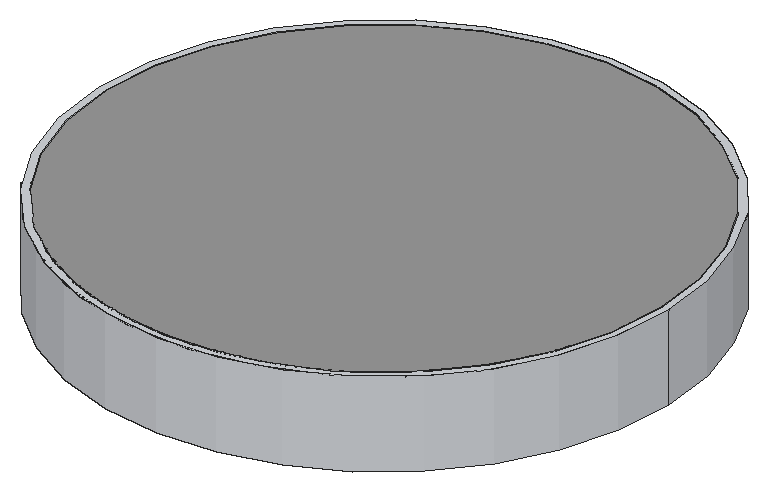
Revit family "2071332", category Lighting Fixtures, host Face, Revit 2018
Family settings
  Host = Face
  Round Connector Dimension = Use Diameter
  Part Type = Normal
  OmniClass Number = 23.80.70.00
  OmniClass Title = Lighting
  Cut with Voids When Loaded = No
  Light Source = Yes
  Shared = No
  Room Calculation Point = No
Parameters (values of type "2071332 COLOSSAL 400 HO 840 OP DIR WHT DALI EM")
  iner diameter = 390 mm
  Weight = "n/a"
  Wattage Comments = ""
  Wattage = 30 W
  WarrantyStartDate [instance] = "n/a"
  WarrantyGuarantorParts = "n/a"
  WarrantyDurationUnit = "n/a"
  WarrantyDurationParts = ""
  WarrantyDescription = "http://www.sylvania-lighting.com"
  built-in parameter 1150110 = 1 (stored number, unit not read)
  Voltage = 230 V
  URL = "0.95"
  TypeName = "COLOSSAL 400mm HO 840 OPAL DIR WHITE DALI EM"
  Type Image = <None>
  Type Comments = "n/a"
  built-in parameter 1114217 = 1 (stored number, unit not read)
  Tilt Angle = -90.00°
  built-in parameter 1150109 = 1 (stored number, unit not read)
  built-in parameter 1150134 = (empty or 0)
  built-in parameter 1150113 = 1 (stored number, unit not read)
  SerialNumber [instance] = "n/a"
  Photometric Web File = "2071332.ies"
  Material_3_SYL = LED-Sylvania
  PowerFactor = 0
  PowerConsumption = "Lighting"
  NominalLength = 400 mm
  NominalHeight = 93 mm
  NominalDepth = 400 mm
  Name = "COLOSSAL 400mm HO 840 OPAL DIR WHITE DALI EM"
  ModelReference = Name  # "COLOSSAL 400mm HO 840 OPAL DIR WHITE DALI EM"
  ModelNumber = "2071332"
  Model = Name  # "COLOSSAL 400mm HO 840 OPAL DIR WHITE DALI EM"
  Material = "Feilo Sylvania"
  ManufacturerName = "130 lm/W"
  Manufacturer = ""
  LuminousEfficacy = ""
  built-in parameter 1150105 = 270.44 (stored number, unit not read)
  Lumens = 3398.4 lm
  LuminaireType = "0"
  built-in parameter 1150115 = 1 (stored number, unit not read)
  LightOutputRatio = "LED"
  built-in parameter 1150137 = (empty or 0)
  built-in parameter 1150139 = (empty or 0)
  LampsType = Lamp  # "n/a"
  LampNominalLuminous = "4000 K"
  LampMacAdamStep = "80"
  LampColourTemperature = "LED"
  LampColourRenderingIndex = "16500"
  built-in parameter 1150112 = 1 (stored number, unit not read)
  built-in parameter 1150114 = 1 (stored number, unit not read)
  Lamp = "n/a"
  Keynote = "n/a"
  InstallationDate [instance] = "n/a"
  InputVoltage = "0"
  InputNominalFrequency = "4000"
  built-in parameter 1150132 = (empty or 0)
  built-in parameter 1150102 = (empty or 0)
  built-in parameter 1150107 = 3000 (stored number, unit not read)
  built-in parameter 1150138 = (empty or 0)
  IngressProtection = "IfcLightFixtureType"
  ImpactProtectionIndex = "IfcLightFixtureType"
  built-in parameter 1150106 = 2.7044 (stored number, unit not read)
  IfcExportType = "IfcLightFixtureType"
  IfcExportAs = "Class I"
  Emit from Circle Diameter = 385 mm
  Emit Shape Visible in Rendering = no
  ElectricShockClassification = "130"
  built-in parameter 1150104 = 10.524 (stored number, unit not read)
  DocumentationLiterature = "http://www.sylvania-lighting.com/product/en-int/products/2071332"
  DimmingControlOptions = "n/a"
  Material_2_SYL = Polycarbonate_Sylvania_White
  Dimming Lamp Color Temperature Shift = <None>
  Description = "400mm diameter circular architectural luminaire, can be surface mounted or suspended. Powder coated aluminium housing (RAL9016) with polycarbonate opal diffuser. Direct light distribution, 3435lm luminuous flux, 27.3W system power, 126lm/W luminiaire efficacy. DALI dimmable. 3 hours integrated emergency. Colour rendering index Ra >80, 4000K Neutral White LED, chromaticity tolerance of 3-step MacAdam ellipse. IP40, IK03. 600mA drive current. Electrical protection Class1, 220-240V. Reported lifetime 66k hours L90B10."
  Default Elevation = 1219.2 mm
  CreatedOn = "22/03/2022"
  CreatedBy = "@sylvania-lighting.com"
  Cost = 0
  Color Filter = 16777215
  built-in parameter 1114216 [instance] = (empty or 0)
  ClassificationValue = "EF_70_80"
  ClassificationName = "Uniclass2015"
  Material_1_SYL = Polycarbonate_Sylvania_Opal
  BarCode [instance] = "n/a"
  built-in parameter 1114218 = 1 (stored number, unit not read)
  built-in parameter 1150133 = 10 (stored number, unit not read)
  AssetType = "Fixed"
  AssetIdentifier [instance] = "n/a"
  Assembly Code = "D5020200"
  Apparent Load = 27.3 VA
  Material_4_SYL = none
Reference planes
  plane 1 "Center (Front/Back)": y = 0
  plane 2: z = 0
  plane 3 "Center (Left/Right)": x = 0
  plane 4: x = -200
  plane 5: x = 200
  plane 6: y = 200
  plane 7: y = -200
  plane 8: y = 236
  plane 9: y = -236
  plane 10: z = 93
  plane 11: y = 195
  plane 12: y = -195
  plane 13: y = 90.5
  plane 14: y = 144.5
  plane 15: through (52.25, 90.5, 1219.2) normal (0.866, 0.5, 0)
  plane 16: through (52.25, 90.5, 1219.2) normal (0.866, 0.5, 0)
  plane 17: through (63.706, 126.657, 1219.2) normal (0.866, 0.5, 0)
  plane 18: through (-104.5, 0, 1219.2) normal (-0.866, 0.5, 0)
  plane 19: through (-142.394, -9.633, 1219.2) normal (-0.866, 0.5, 0)
  plane 20: y = -90.5
  plane 21: y = -118.5
  plane 22: through (85.371, -141.133, 1219.2) normal (-0.866, 0.5, 0)
  plane 23: through (52.25, -90.5, 1219.2) normal (-0.866, 0.5, 0)
  plane 24: through (-161.658, 0, 1219.2) normal (0.866, 0.5, 0)
  plane 25: through (-172.12, 9.121, 1219.2) normal (0.866, 0.5, 0)
  plane 26: through (-104.5, 0, 1219.2) normal (0.866, 0.5, 0)
Forms (mm)
  Extrusion 1, solid, detail levels medium+fine
    sketch origin (0, 0, 0) x (1, 0, 0) y (0, 1, 0)
      loop
        circle (0, 0) r 200
    from 33.023 to 93
  Extrusion 2, void
    sketch origin (0, 0, 0) x (1, 0, 0) y (0, 1, 0)
      loop
        circle (0, 0) r 195
    from 93 to 37.292
  Extrusion 3, solid, material "Glass, White, High Luminance", detail levels fine
    sketch origin (0, 0, 0) x (1, 0, 0) y (0, 1, 0)
      loop
        circle (0, 0) r 195
    from 88.026 to 93
  Extrusion 4, solid, detail levels coarse
    sketch origin (0, 0, 0) x (1, 0, 0) y (0, 1, 0)
      loop
        line (-200, 200) -> (-200, -200) -> (200, -200) -> (200, 200) -> (-200, 200)
    from 0 to 93
  Blend 5, solid, detail levels medium+fine
    base sketch origin (0, 0, 0) x (1, 0, 0) y (0, 1, 0)
      loop
        line (-52.25, 90.5) -> (-104.5, 0) -> (-52.25, -90.5) -> (52.25, -90.5) -> (104.5, 0) -> (52.25, 90.5) -> (-52.25, 90.5)
    top sketch origin (0, 0, 0) x (1, 0, 0) y (0, 1, 0)
      loop
        line (-53.405, 144.5) -> (-149.245, -21.5) -> (-93.242, -118.5) -> (98.438, -118.5) -> (151.843, -26) -> (53.405, 144.5) -> (-53.405, 144.5)
    from 0 to 33.023
Cuts and joins
  Extrusion 2 cuts Extrusion 1
Dimensions and locks
  "NominalDepth": plane 6 to plane 7
  "NominalLength": plane 4 to plane 5
  equal spacing: plane 4, plane 3 "Center (Left/Right)", plane 5
  "iner diameter": plane 11 to plane 12
  equal spacing: plane 11, plane 1 "Center (Front/Back)", plane 12
  equal spacing: plane 6, plane 1 "Center (Front/Back)", plane 7
  "NominalHeight": plane 10 to level
  plane 19 to plane 18 = 28 mm
  radius of Extrusion 2 sketch curve = 195 mm
  aligned and locked: plane 2 to host face
  aligned and locked: level to host face
Automatic sketch dimensions
  host sketch curve to host sketch curve = 2438.4 mm  (x2)
  plane 1 "Center (Front/Back)" to Extrusion 1 sketch curve = 0 mm
  Extrusion 1 sketch curve to plane 3 "Center (Left/Right)" = 0 mm
  plane 1 "Center (Front/Back)" to Extrusion 2 sketch curve = 0 mm
  Extrusion 2 sketch curve to plane 3 "Center (Left/Right)" = 0 mm
  plane 1 "Center (Front/Back)" to Extrusion 3 sketch curve = 0 mm
  Extrusion 3 sketch curve to plane 3 "Center (Left/Right)" = 0 mm
  Extrusion 4 sketch curve to plane 4 = 0 mm
  Extrusion 4 sketch curve to plane 5 = 0 mm
  Extrusion 4 sketch curve to plane 7 = 0 mm
  Extrusion 4 sketch curve to plane 6 = 0 mm
  Blend 5 sketch curve to plane 19 = 0 mm  (x2)
  Blend 5 sketch curve to plane 24 = 0 mm  (x2)
  Blend 5 sketch curve to plane 21 = 0 mm
  Blend 5 sketch curve to plane 14 = 0 mm
  Blend 5 sketch curve to plane 17 = 0 mm  (x2)
  Blend 5 sketch curve to plane 22 = 0 mm  (x2)
  radius of Extrusion 1 sketch curve = 200 mm
  radius of Extrusion 3 sketch curve = 195 mm
Connectors
  electrical at (0, 0, 0), driven by "Apparent Load", driven by "PowerFactor", driven by "Voltage"
    settings: index 1, voltage 230 V, apparent load 27.3 VA, apparent load phase1 0 VA, apparent load phase2 0 VA, apparent load phase3 0 VA, power factor 0, load classification "Lighting", number of poles 1, system type 30, power factor state 1, is connector primary yes, connector utility no, sub classification motor no, connector description ""
